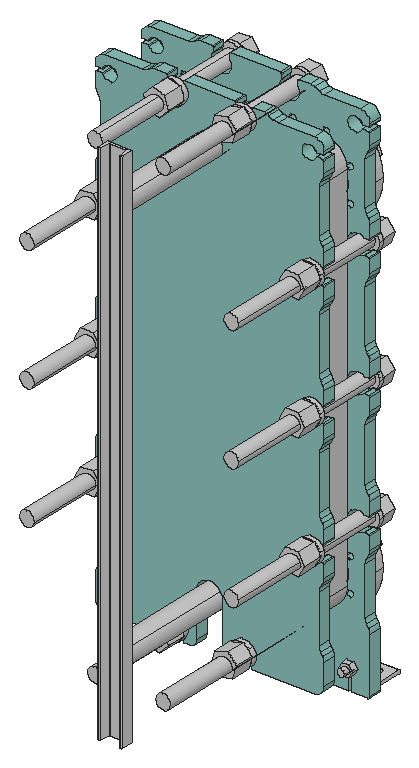
Revit family "Ekin_Endüstriyel - MIT521", category Specialty Equipment, Revit 2022 (continued)
Forms (mm)
  Extrusion 30, solid, material "Galvanized Steel", detail levels coarse
    sketch origin (4.063, -118, 0) x (-1, 0, 0) y (0, 0, 1)
      loop
        circle (4.063, 158.35) r 25.15
    from 0 to -25 <- "Follower Plate"
  Extrusion 31, solid, material "AISI 316L/Titanium/Hastelloy", detail levels coarse
    sketch origin (0, -25, 0) x (-1, 0, 0) y (0, 0, 1)
      loop
        line (-26.15, 1007.5) -> (-187.5, 1007.5) -> (-187.5, 140.5) -> (-26.15, 140.5) -> (-24.15, 142.5) -> (-24.15, 146.5) -> (-25.15, 148.5) -> (-25.15, 158.35)
        arc (-25.15, 158.35) -> (-20.029, 173.561) -> (-6.75, 182.577) r 25.15
        line (-6.75, 182.577) -> (-6.75, 190.5) -> (6.75, 190.5) -> (6.75, 182.577)
        arc (6.75, 182.577) -> (20.029, 173.561) -> (25.15, 158.35) r 25.15
        line (25.15, 158.35) -> (25.15, 148.5) -> (24.15, 146.5) -> (24.15, 142.5) -> (26.15, 140.5) -> (187.5, 140.5) -> (187.5, 1007.5) -> (26.15, 1007.5) -> (24.15, 1005.5) -> (24.15, 1001.5) -> (25.15, 999.5) -> (25.15, 989.65)
        arc (25.15, 989.65) -> (20.029, 974.439) -> (6.75, 965.423) r 25.15
        line (6.75, 965.423) -> (6.75, 957.5) -> (-6.75, 957.5) -> (-6.75, 965.423)
        arc (-6.75, 965.423) -> (-20.029, 974.439) -> (-25.15, 989.65) r 25.15
        line (-25.15, 989.65) -> (-25.15, 999.5) -> (-24.15, 1001.5) -> (-24.15, 1005.5) -> (-26.15, 1007.5)
    from 0 to -93
  Extrusion 32, solid, material "Galvanized Steel- S235JR", detail levels coarse
    sketch origin (0, 0, 0) x (1, 0, 0) y (0, 0, 1)
      loop
        circle (-111.75, 933) r 110
      loop
        circle (-111.75, 215) r 110
      loop
        circle (111.75, 215) r 110
      loop
        circle (111.75, 933) r 110
    from 0 to -25.5
Cuts and joins
  Extrusion 16 cuts Extrusion 15
  joined: Extrusion 27, Extrusion 28
Dimensions and locks
  "Lk": plane 7 "1" to plane 6 "2"
  "Head & Follower Plate": plane 1 "Center (Front/Back)" to plane 7 "1"
  "Lc": plane 7 "1" to plane 8 "3"
  "Lc": plane 10 to plane 1 "Center (Front/Back)"
  aligned and locked: level to plane 2
  aligned and locked: Extrusion 1 to plane 7 "1"
  aligned and locked: Extrusion 1 to plane 1 "Center (Front/Back)"
  aligned and locked: Extrusion 3 to plane 6 "2"
  aligned and locked: plane 7 "1" to Extrusion 3
  aligned and locked: Extrusion 5 to plane 10
  aligned and locked: Extrusion 5 to plane 1 "Center (Front/Back)"
  aligned and locked: Extrusion 4 to plane 8 "3"
  aligned and locked: Extrusion 4 to Extrusion 1
  aligned and locked: Extrusion 14 sketch curve to plane 8 "3"
  aligned and locked: Extrusion 21 sketch curve to Extrusion 14  (x4)
  aligned and locked: Extrusion 31 to Extrusion 30
  aligned and locked: Extrusion 26 to Extrusion 30
  aligned and locked: Extrusion 29 to Extrusion 1
  aligned and locked: Extrusion 24 to Extrusion 1
  aligned and locked: plane 6 "2" to Extrusion 30
Automatic sketch dimensions
  Extrusion 1 sketch curve to Extrusion 1 sketch curve = 0.00 mm  (x108)
  Extrusion 1 sketch curve to level = 0.00 mm  (x4)
  Extrusion 1 sketch curve to plane 3 "Center (Left/Right)" = 0.00 mm  (x2)
  Extrusion 1 sketch curve to plane 3 "Center (Left/Right)" = 28.601 mm  (x4)
  Extrusion 1 sketch curve to plane 3 "Center (Left/Right)" = 50.98 mm
  Extrusion 1 sketch curve to plane 3 "Center (Left/Right)" = 51.75 mm
  Extrusion 1 sketch curve to Extrusion 1 sketch curve = 2.00 mm  (x37)
  Extrusion 1 sketch curve to Extrusion 1 sketch curve = 17.02 mm  (x4)
  Extrusion 1 sketch curve to Extrusion 1 sketch curve = 16.25 mm  (x16)
  Extrusion 1 sketch curve to Extrusion 1 sketch curve = 48.708 mm  (x14)
  Extrusion 1 sketch curve to Extrusion 1 sketch curve = 7.308 mm  (x4)
  Extrusion 1 sketch curve to Extrusion 1 sketch curve = 83.149 mm  (x2)
  Extrusion 1 sketch curve to Extrusion 1 sketch curve = 34.442 mm  (x6)
  Extrusion 1 sketch curve to Extrusion 1 sketch curve = 23.121 mm  (x2)
  Extrusion 1 sketch curve to Extrusion 1 sketch curve = 30.966 mm  (x2)
  Extrusion 1 sketch curve to Extrusion 1 sketch curve = 10.00 mm  (x18)
  Extrusion 1 sketch curve to Extrusion 1 sketch curve = 8.038 mm  (x16)
  level to Extrusion 1 sketch curve = 49.142 mm  (x2)
  Extrusion 1 sketch curve to Extrusion 1 sketch curve = 14.142 mm  (x6)
  Extrusion 1 sketch curve to Extrusion 1 sketch curve = 15.784 mm  (x2)
  Extrusion 1 sketch curve to Extrusion 1 sketch curve = 68.883 mm  (x10)
  Extrusion 1 sketch curve to Extrusion 1 sketch curve = 34.05 mm  (x2)
  level to Extrusion 1 sketch curve = 33.358 mm  (x2)
  Extrusion 1 sketch curve to Extrusion 1 sketch curve = 5.858 mm
  Extrusion 1 sketch curve to Extrusion 1 sketch curve = 5.00 mm  (x10)
  Extrusion 1 sketch curve to Extrusion 1 sketch curve = 37.00 mm
  Extrusion 1 sketch curve to Extrusion 1 sketch curve = 3.00 mm  (x2)
  Extrusion 1 sketch curve to Extrusion 1 sketch curve = 6.00 mm  (x2)
  Extrusion 1 sketch curve to Extrusion 1 sketch curve = 58.808 mm  (x2)
  Extrusion 1 sketch curve to Extrusion 1 sketch curve = 63.808 mm  (x4)
  Extrusion 1 sketch curve to plane 3 "Center (Left/Right)" = 210.00 mm
  Extrusion 1 sketch curve to Extrusion 1 sketch curve = 20.101 mm  (x6)
  Extrusion 1 sketch curve to Extrusion 1 sketch curve = 5.906 mm  (x2)
  Extrusion 1 sketch curve to Extrusion 1 sketch curve = 13.998 mm  (x14)
  level to Extrusion 1 sketch curve = 136.859 mm  (x2)
  Extrusion 1 sketch curve to Extrusion 1 sketch curve = 2.679 mm  (x26)
  Extrusion 1 sketch curve to Extrusion 1 sketch curve = 32.00 mm  (x3)
  Extrusion 1 sketch curve to Extrusion 1 sketch curve = 4.641 mm  (x18)
  Extrusion 1 sketch curve to Extrusion 1 sketch curve = 9.002 mm  (x16)
  Extrusion 1 sketch curve to Extrusion 1 sketch curve = 12.094 mm  (x2)
  Extrusion 1 sketch curve to Extrusion 1 sketch curve = 17.321 mm  (x7)
  Extrusion 1 sketch curve to Extrusion 1 sketch curve = 20.00 mm  (x10)
  plane 3 "Center (Left/Right)" to Extrusion 1 sketch curve = 28.601 mm  (x4)
  plane 3 "Center (Left/Right)" to Extrusion 1 sketch curve = 50.98 mm
  plane 3 "Center (Left/Right)" to Extrusion 1 sketch curve = 51.75 mm
  level to Extrusion 1 sketch curve = 5.00 mm  (x2)
  plane 3 "Center (Left/Right)" to Extrusion 1 sketch curve = 210.00 mm
  Extrusion 1 sketch curve to Extrusion 1 sketch curve = 15.906 mm
  level to Extrusion 1 sketch curve = 128.821 mm
  level to Extrusion 1 sketch curve = 34.417 mm
  Extrusion 1 sketch curve to Extrusion 1 sketch curve = 34.417 mm
  Extrusion 1 sketch curve to Extrusion 1 sketch curve = 10.583 mm  (x2)
  Extrusion 1 sketch curve to Extrusion 1 sketch curve = 18.038 mm
  Extrusion 1 sketch curve to Extrusion 1 sketch curve = 13.03 mm  (x2)
  Extrusion 1 sketch curve to Extrusion 1 sketch curve = 51.851 mm  (x2)
  Extrusion 1 sketch curve to Extrusion 1 sketch curve = 24.149 mm
  Extrusion 1 sketch curve to Extrusion 1 sketch curve = 33.70 mm  (x2)
  Extrusion 1 sketch curve to Extrusion 1 sketch curve = 24.558 mm  (x3)
  Extrusion 1 sketch curve to Extrusion 1 sketch curve = 65.583 mm  (x2)
  Extrusion 1 sketch curve to Extrusion 1 sketch curve = 3.30 mm  (x4)
  Extrusion 1 sketch curve to Extrusion 1 sketch curve = 26.571 mm  (x12)
  Extrusion 1 sketch curve to Extrusion 1 sketch curve = 109.282 mm  (x4)
  Extrusion 1 sketch curve to Extrusion 1 sketch curve = 20.851 mm  (x2)
  Extrusion 1 sketch curve to Extrusion 1 sketch curve = 23.70 mm  (x2)
  Extrusion 1 sketch curve to Extrusion 1 sketch curve = 23.821 mm  (x2)
  Extrusion 1 sketch curve to Extrusion 1 sketch curve = 4.00 mm  (x2)
  Extrusion 1 sketch curve to Extrusion 1 sketch curve = 8.00 mm  (x2)
  Extrusion 1 sketch curve to Extrusion 1 sketch curve = 5.706 mm
  Extrusion 1 sketch curve to Extrusion 1 sketch curve = 49.851 mm  (x2)
  Extrusion 1 sketch curve to Extrusion 1 sketch curve = 12.933 mm  (x4)
  Extrusion 1 sketch curve to Extrusion 1 sketch curve = 9.067 mm
  Extrusion 1 sketch curve to Extrusion 1 sketch curve = 6.25 mm
  Extrusion 1 sketch curve to plane 3 "Center (Left/Right)" = 6.25 mm
  Extrusion 1 sketch curve to Extrusion 1 sketch curve = 7.00 mm  (x32)
  Extrusion 1 sketch curve to Extrusion 1 sketch curve = 21.862 mm  (x4)
  Extrusion 1 sketch curve to Extrusion 1 sketch curve = 28.862 mm  (x4)
  Extrusion 1 sketch curve to Extrusion 1 sketch curve = 6.352 mm  (x4)
  Extrusion 2 sketch curve to Extrusion 2 sketch curve = 0.00 mm  (x25)
  Extrusion 2 sketch curve to plane 3 "Center (Left/Right)" = 0.00 mm  (x2)
  plane 3 "Center (Left/Right)" to Extrusion 2 sketch curve = 26.50 mm
  Extrusion 2 sketch curve to Extrusion 2 sketch curve = 15.00 mm  (x2)
  plane 3 "Center (Left/Right)" to Extrusion 2 sketch curve = 50.98 mm
  Extrusion 2 sketch curve to Extrusion 2 sketch curve = 10.25 mm  (x2)
  Extrusion 2 sketch curve to Extrusion 2 sketch curve = 2.00 mm  (x39)
  Extrusion 2 sketch curve to Extrusion 2 sketch curve = 16.25 mm  (x16)
  Extrusion 2 sketch curve to Extrusion 2 sketch curve = 17.02 mm  (x4)
  Extrusion 2 sketch curve to Extrusion 2 sketch curve = 23.121 mm  (x2)
  Extrusion 2 sketch curve to Extrusion 2 sketch curve = 10.00 mm  (x20)
  Extrusion 2 sketch curve to Extrusion 2 sketch curve = 8.038 mm  (x18)
  Extrusion 2 sketch curve to Extrusion 2 sketch curve = 64.821 mm  (x2)
  plane 3 "Center (Left/Right)" to Extrusion 2 sketch curve = 210.00 mm  (x3)
  Extrusion 2 sketch curve to Extrusion 2 sketch curve = 126.75 mm  (x2)
  Extrusion 2 sketch curve to Extrusion 2 sketch curve = 5.00 mm  (x13)
  Extrusion 2 sketch curve to Extrusion 2 sketch curve = 5.906 mm
  Extrusion 2 sketch curve to Extrusion 2 sketch curve = 13.998 mm  (x12)
  Extrusion 2 sketch curve to Extrusion 2 sketch curve = 2.679 mm  (x23)
  level to Extrusion 2 sketch curve = 136.859 mm  (x2)
  Extrusion 2 sketch curve to Extrusion 2 sketch curve = 4.641 mm  (x18)
  Extrusion 2 sketch curve to Extrusion 2 sketch curve = 12.094 mm  (x2)
  Extrusion 2 sketch curve to Extrusion 2 sketch curve = 9.002 mm  (x16)
  Extrusion 2 sketch curve to Extrusion 2 sketch curve = 17.321 mm  (x7)
  Extrusion 2 sketch curve to Extrusion 2 sketch curve = 20.00 mm  (x10)
  Extrusion 2 sketch curve to plane 3 "Center (Left/Right)" = 50.98 mm
  Extrusion 2 sketch curve to plane 3 "Center (Left/Right)" = 210.00 mm  (x3)
  Extrusion 2 sketch curve to Extrusion 2 sketch curve = 15.906 mm
  level to Extrusion 2 sketch curve = 80.00 mm  (x2)
  Extrusion 2 sketch curve to Extrusion 2 sketch curve = 43.821 mm  (x2)
  Extrusion 2 sketch curve to Extrusion 2 sketch curve = 91.00 mm
  Extrusion 2 sketch curve to Extrusion 2 sketch curve = 99.282 mm  (x2)
  Extrusion 2 sketch curve to Extrusion 2 sketch curve = 26.571 mm  (x12)
  Extrusion 2 sketch curve to Extrusion 2 sketch curve = 109.282 mm  (x4)
  Extrusion 2 sketch curve to Extrusion 2 sketch curve = 89.282 mm  (x2)
  Extrusion 2 sketch curve to Extrusion 2 sketch curve = 0.859 mm
  Extrusion 2 sketch curve to Extrusion 2 sketch curve = 23.821 mm  (x2)
  Extrusion 2 sketch curve to Extrusion 2 sketch curve = 4.00 mm  (x2)
  Extrusion 2 sketch curve to Extrusion 2 sketch curve = 8.00 mm  (x2)
  Extrusion 2 sketch curve to Extrusion 2 sketch curve = 5.706 mm
  Extrusion 2 sketch curve to Extrusion 2 sketch curve = 14.00 mm  (x2)
  Extrusion 2 sketch curve to Extrusion 2 sketch curve = 12.933 mm  (x4)
  Extrusion 2 sketch curve to Extrusion 2 sketch curve = 9.067 mm
  plane 3 "Center (Left/Right)" to Extrusion 2 sketch curve = 19.252 mm
  Extrusion 2 sketch curve to plane 3 "Center (Left/Right)" = 19.252 mm
  Extrusion 2 sketch curve to Extrusion 2 sketch curve = 15.949 mm
  Extrusion 3 sketch curve to Extrusion 3 sketch curve = 0.00 mm  (x5)
  Extrusion 3 sketch curve to plane 3 "Center (Left/Right)" = 0.00 mm  (x2)
  plane 3 "Center (Left/Right)" to Extrusion 3 sketch curve = 6.75 mm  (x2)
  plane 3 "Center (Left/Right)" to Extrusion 3 sketch curve = 24.15 mm  (x2)
  Extrusion 3 sketch curve to Extrusion 3 sketch curve = 1.00 mm  (x4)
  Extrusion 3 sketch curve to Extrusion 3 sketch curve = 2.00 mm  (x12)
  Extrusion 3 sketch curve to Extrusion 3 sketch curve = 112.35 mm  (x3)
  Extrusion 3 sketch curve to Extrusion 3 sketch curve = 50.00 mm  (x4)
  Extrusion 3 sketch curve to plane 3 "Center (Left/Right)" = 6.75 mm  (x2)
  Extrusion 3 sketch curve to plane 3 "Center (Left/Right)" = 24.15 mm  (x2)
  Extrusion 3 sketch curve to Extrusion 3 sketch curve = 111.35 mm
  level to Extrusion 3 sketch curve = 140.50 mm
  Extrusion 3 sketch curve to Extrusion 3 sketch curve = 4.00 mm  (x2)
  Extrusion 3 sketch curve to Extrusion 3 sketch curve = 9.85 mm
  Extrusion 3 sketch curve to Extrusion 3 sketch curve = 7.923 mm  (x2)
  Extrusion 3 sketch curve to Extrusion 3 sketch curve = 767.00 mm
  Extrusion 3 sketch curve to Extrusion 3 sketch curve = 8.00 mm  (x2)
  Extrusion 4 sketch curve to Extrusion 4 sketch curve = 0.00 mm  (x4)
  Extrusion 4 sketch curve to plane 3 "Center (Left/Right)" = 0.00 mm  (x2)
  level to Extrusion 4 sketch curve = 156.00 mm
  Extrusion 4 sketch curve to Extrusion 4 sketch curve = 836.00 mm
  Extrusion 4 sketch curve to plane 3 "Center (Left/Right)" = 19.252 mm  (x2)
  plane 3 "Center (Left/Right)" to Extrusion 4 sketch curve = 19.252 mm  (x2)
  Extrusion 4 sketch curve to Extrusion 4 sketch curve = 15.949 mm  (x2)
  Extrusion 5 sketch curve to Extrusion 5 sketch curve = 0.00 mm  (x21)
  Extrusion 5 sketch curve to plane 3 "Center (Left/Right)" = 210.00 mm  (x3)
  Extrusion 5 sketch curve to plane 3 "Center (Left/Right)" = 70.00 mm  (x2)
  plane 3 "Center (Left/Right)" to Extrusion 5 sketch curve = 70.00 mm  (x2)
  plane 3 "Center (Left/Right)" to Extrusion 5 sketch curve = 210.00 mm  (x3)
  level to Extrusion 5 sketch curve = 80.00 mm  (x2)
  Extrusion 5 sketch curve to Extrusion 5 sketch curve = 239.00 mm  (x2)
  Extrusion 5 sketch curve to Extrusion 5 sketch curve = 255.00 mm  (x4)
  Extrusion 5 sketch curve to Extrusion 5 sketch curve = 237.00 mm
  Extrusion 5 sketch curve to Extrusion 5 sketch curve = 14.77 mm  (x12)
  Extrusion 5 sketch curve to Extrusion 5 sketch curve = 6.518 mm  (x8)
  Extrusion 5 sketch curve to Extrusion 5 sketch curve = 13.51 mm  (x4)
  Extrusion 5 sketch curve to Extrusion 5 sketch curve = 2.618 mm  (x6)
  level to Extrusion 6 sketch curve = 45.00 mm  (x4)
  Extrusion 6 sketch curve to plane 3 "Center (Left/Right)" = 208.856 mm
  Extrusion 6 sketch curve to Extrusion 6 sketch curve = 6.928 mm  (x6)
  level to Extrusion 6 sketch curve = 57.00 mm  (x2)
  Extrusion 6 sketch curve to Extrusion 6 sketch curve = 13.856 mm  (x4)
  plane 3 "Center (Left/Right)" to Extrusion 6 sketch curve = 181.144 mm
  level to Extrusion 6 sketch curve = 33.00 mm
  Extrusion 6 sketch curve to Extrusion 6 sketch curve = 12.00 mm
  Extrusion 7 sketch curve to Extrusion 7 sketch curve = 0.00 mm  (x4)
  level to Extrusion 7 sketch curve = 45.00 mm  (x2)
  Extrusion 7 sketch curve to plane 3 "Center (Left/Right)" = 195.00 mm
  plane 3 "Center (Left/Right)" to Extrusion 7 sketch curve = 195.00 mm
  Extrusion 7 sketch curve to Extrusion 7 sketch curve = 0.115 mm  (x4)
  Extrusion 7 sketch curve to Extrusion 7 sketch curve = 15.00 mm  (x2)
  Extrusion 8 sketch curve to Extrusion 8 sketch curve = 0.00 mm  (x4)
  level to Extrusion 8 sketch curve = 45.00 mm  (x2)
  Extrusion 8 sketch curve to plane 3 "Center (Left/Right)" = 195.004 mm
  plane 3 "Center (Left/Right)" to Extrusion 8 sketch curve = 195.004 mm
  Extrusion 8 sketch curve to Extrusion 8 sketch curve = 5.851 mm  (x4)
  Extrusion 8 sketch curve to Extrusion 8 sketch curve = 3.843 mm  (x2)
  level to Extrusion 9 sketch curve = 45.00 mm  (x4)
  Extrusion 9 sketch curve to plane 3 "Center (Left/Right)" = 208.856 mm
  level to Extrusion 9 sketch curve = 33.00 mm  (x2)
  Extrusion 9 sketch curve to Extrusion 9 sketch curve = 6.928 mm  (x6)
  level to Extrusion 9 sketch curve = 57.00 mm  (x2)
  Extrusion 9 sketch curve to Extrusion 9 sketch curve = 13.856 mm  (x4)
  plane 3 "Center (Left/Right)" to Extrusion 9 sketch curve = 181.144 mm
  Extrusion 10 sketch curve to Extrusion 10 sketch curve = 0.00 mm  (x25)
  Extrusion 10 sketch curve to plane 3 "Center (Left/Right)" = 111.75 mm  (x2)
  plane 3 "Center (Left/Right)" to Extrusion 10 sketch curve = 111.75 mm  (x2)
  level to Extrusion 10 sketch curve = 215.00 mm  (x2)
  Extrusion 10 sketch curve to Extrusion 10 sketch curve = 718.00 mm
  Extrusion 10 sketch curve to Extrusion 10 sketch curve = 5.58 mm  (x8)
  Extrusion 10 sketch curve to Extrusion 10 sketch curve = 76.798 mm  (x4)
  Extrusion 11 sketch curve to Extrusion 11 sketch curve = 0.00 mm  (x81)
  Extrusion 11 sketch curve to plane 3 "Center (Left/Right)" = 194.899 mm  (x2)
  Extrusion 11 sketch curve to Extrusion 11 sketch curve = 48.708 mm  (x20)
  Extrusion 11 sketch curve to Extrusion 11 sketch curve = 68.883 mm  (x14)
  Extrusion 11 sketch curve to plane 3 "Center (Left/Right)" = 28.601 mm  (x4)
  plane 3 "Center (Left/Right)" to Extrusion 11 sketch curve = 28.601 mm  (x4)
  level to Extrusion 11 sketch curve = 131.851 mm  (x2)
  Extrusion 11 sketch curve to Extrusion 11 sketch curve = 551.702 mm
  Extrusion 11 sketch curve to Extrusion 11 sketch curve = 8.542 mm  (x24)
  Extrusion 11 sketch curve to Extrusion 11 sketch curve = 14.759 mm  (x20)
  Extrusion 11 sketch curve to Extrusion 11 sketch curve = 12.33 mm  (x24)
  Extrusion 11 sketch curve to Extrusion 11 sketch curve = 2.679 mm  (x24)
  Extrusion 11 sketch curve to plane 3 "Center (Left/Right)" = 13.842 mm  (x2)
  plane 3 "Center (Left/Right)" to Extrusion 11 sketch curve = 13.842 mm  (x2)
  Extrusion 12 sketch curve to plane 3 "Center (Left/Right)" = 209.284 mm  (x2)
  Extrusion 12 sketch curve to Extrusion 12 sketch curve = 0.183 mm  (x2)
  Extrusion 12 sketch curve to Extrusion 12 sketch curve = 4.869 mm  (x21)
  Extrusion 12 sketch curve to Extrusion 12 sketch curve = 6.165 mm  (x21)
  Extrusion 12 sketch curve to Extrusion 12 sketch curve = 8.22 mm  (x25)
  Extrusion 12 sketch curve to Extrusion 12 sketch curve = 9.333 mm  (x25)
  Extrusion 12 sketch curve to Extrusion 12 sketch curve = 14.202 mm  (x32)
  Extrusion 12 sketch curve to Extrusion 12 sketch curve = 14.385 mm  (x32)
  Extrusion 12 sketch curve to Extrusion 12 sketch curve = 28.954 mm  (x12)
  Extrusion 12 sketch curve to Extrusion 12 sketch curve = 30.788 mm  (x4)
  Extrusion 12 sketch curve to Extrusion 12 sketch curve = 1.186 mm  (x17)
  Extrusion 12 sketch curve to Extrusion 12 sketch curve = 2.577 mm  (x26)
  Extrusion 12 sketch curve to Extrusion 12 sketch curve = 11.01 mm  (x22)
  Extrusion 12 sketch curve to Extrusion 12 sketch curve = 11.865 mm  (x31)
  Extrusion 12 sketch curve to Extrusion 12 sketch curve = 13.051 mm  (x32)
  Extrusion 12 sketch curve to Extrusion 12 sketch curve = 13.588 mm  (x32)
  Extrusion 12 sketch curve to Extrusion 12 sketch curve = 41.707 mm  (x4)
  Extrusion 12 sketch curve to Extrusion 12 sketch curve = 42.782 mm  (x4)
  Extrusion 12 sketch curve to plane 3 "Center (Left/Right)" = 42.986 mm  (x2)
  Extrusion 12 sketch curve to plane 3 "Center (Left/Right)" = 42.803 mm  (x2)
  Extrusion 12 sketch curve to plane 3 "Center (Left/Right)" = 14.399 mm  (x2)
  Extrusion 12 sketch curve to plane 3 "Center (Left/Right)" = 14.216 mm  (x2)
  plane 3 "Center (Left/Right)" to Extrusion 12 sketch curve = 14.216 mm  (x2)
  plane 3 "Center (Left/Right)" to Extrusion 12 sketch curve = 14.399 mm  (x2)
  Extrusion 12 sketch curve to Extrusion 12 sketch curve = 31.745 mm  (x2)
  Extrusion 12 sketch curve to Extrusion 12 sketch curve = 21.455 mm  (x10)
  level to Extrusion 12 sketch curve = 117.466 mm  (x2)
  Extrusion 12 sketch curve to Extrusion 12 sketch curve = 0.00 mm  (x5)
  Extrusion 12 sketch curve to Extrusion 12 sketch curve = 42.244 mm  (x8)
  Extrusion 12 sketch curve to Extrusion 12 sketch curve = 523.115 mm
  Extrusion 13 sketch curve to Extrusion 13 sketch curve = 0.00 mm  (x4)
  Extrusion 13 sketch curve to plane 3 "Center (Left/Right)" = 0.00 mm  (x2)
  level to Extrusion 13 sketch curve = 156.015 mm
  Extrusion 13 sketch curve to Extrusion 13 sketch curve = 835.97 mm
  Extrusion 13 sketch curve to plane 3 "Center (Left/Right)" = 9.00 mm  (x2)
  Extrusion 14 sketch curve to plane 3 "Center (Left/Right)" = 25.00 mm
  Extrusion 14 sketch curve to Extrusion 14 sketch curve = 2.00 mm
  Extrusion 14 sketch curve to Extrusion 14 sketch curve = 0.974 mm  (x2)
  Extrusion 14 sketch curve to Extrusion 14 sketch curve = 1.481 mm  (x2)
  Extrusion 14 sketch curve to plane 8 "3" = 6.676 mm  (x2)
  Extrusion 14 sketch curve to Extrusion 14 sketch curve = 7.228 mm  (x2)
  Extrusion 14 sketch curve to Extrusion 14 sketch curve = 2.692 mm  (x2)
  Extrusion 14 sketch curve to plane 8 "3" = 8.00 mm
  plane 3 "Center (Left/Right)" to Extrusion 14 sketch curve = 15.08 mm
  Extrusion 14 sketch curve to Extrusion 14 sketch curve = 5.465 mm
  Extrusion 14 sketch curve to Extrusion 14 sketch curve = 16.324 mm
  Extrusion 14 sketch curve to Extrusion 14 sketch curve = 15.00 mm
  Extrusion 14 sketch curve to Extrusion 14 sketch curve = 0.50 mm  (x2)
  Extrusion 15 sketch curve to level = 0.00 mm
  Extrusion 15 sketch curve to plane 1 "Center (Front/Back)" = 0.00 mm
  level to Extrusion 15 sketch curve = 1.00 mm
  Extrusion 15 sketch curve to Extrusion 15 sketch curve = 2.00 mm
  Extrusion 15 sketch curve to Extrusion 15 sketch curve = 3.50 mm
  level to Extrusion 15 sketch curve = 7.50 mm
  Extrusion 15 sketch curve to Extrusion 15 sketch curve = 5.00 mm
  Extrusion 15 sketch curve to plane 1 "Center (Front/Back)" = 4.50 mm
  Extrusion 15 sketch curve to Extrusion 15 sketch curve = 54.50 mm
  Extrusion 15 sketch curve to Extrusion 15 sketch curve = 3.00 mm
  plane 9 "Bolt End" to Extrusion 15 sketch curve = 49.30 mm
  Extrusion 16 sketch curve to Extrusion 16 sketch curve = 0.00 mm  (x4)
  plane 1 "Center (Front/Back)" to Extrusion 16 sketch curve = 0.00 mm
  plane 9 "Bolt End" to Extrusion 16 sketch curve = 26.30 mm  (x2)
  Extrusion 16 sketch curve to Extrusion 16 sketch curve = 25.00 mm  (x3)
  Extrusion 16 sketch curve to plane 3 "Center (Left/Right)" = 195.00 mm
  plane 3 "Center (Left/Right)" to Extrusion 16 sketch curve = 170.00 mm
  Extrusion 16 sketch curve to Extrusion 16 sketch curve = 9.00 mm  (x2)
  Extrusion 17 sketch curve to Extrusion 17 sketch curve = 0.00 mm  (x21)
  Extrusion 17 sketch curve to plane 3 "Center (Left/Right)" = 210.00 mm  (x3)
  Extrusion 17 sketch curve to plane 3 "Center (Left/Right)" = 70.00 mm  (x2)
  plane 3 "Center (Left/Right)" to Extrusion 17 sketch curve = 70.00 mm  (x2)
  plane 3 "Center (Left/Right)" to Extrusion 17 sketch curve = 210.00 mm  (x3)
  level to Extrusion 17 sketch curve = 80.00 mm  (x2)
  Extrusion 17 sketch curve to Extrusion 17 sketch curve = 239.00 mm  (x2)
  Extrusion 17 sketch curve to Extrusion 17 sketch curve = 255.00 mm  (x4)
  Extrusion 17 sketch curve to Extrusion 17 sketch curve = 237.00 mm
  Extrusion 17 sketch curve to Extrusion 17 sketch curve = 25.00 mm  (x6)
  Extrusion 17 sketch curve to Extrusion 17 sketch curve = 23.706 mm  (x8)
  Extrusion 17 sketch curve to Extrusion 17 sketch curve = 7.938 mm  (x4)
  Extrusion 2 to Extrusion 18 sketch curve = 1.554 mm  (x6)
  Extrusion 18 sketch curve to Extrusion 2 = 1.342 mm  (x6)
  Extrusion 18 sketch curve to Extrusion 2 = 2.104 mm  (x6)
  Extrusion 18 sketch curve to Extrusion 2 = 6.967 mm  (x12)
  Extrusion 18 sketch curve to Extrusion 18 sketch curve = 26.554 mm  (x6)
  Extrusion 18 sketch curve to Extrusion 2 = 6.527 mm  (x12)
  Extrusion 2 to Extrusion 18 sketch curve = 15.81 mm  (x12)
  Extrusion 18 sketch curve to Extrusion 18 sketch curve = 12.896 mm  (x5)
  Extrusion 18 sketch curve to Extrusion 18 sketch curve = 13.658 mm  (x4)
  Extrusion 18 sketch curve to Extrusion 2 = 8.76 mm  (x8)
  Extrusion 18 sketch curve to Extrusion 2 = 1.397 mm  (x8)
  Extrusion 2 to Extrusion 18 sketch curve = 8.886 mm  (x8)
  Extrusion 2 to Extrusion 18 sketch curve = 1.517 mm  (x2)
  Extrusion 2 to Extrusion 18 sketch curve = 0.517 mm  (x2)
  Extrusion 18 sketch curve to Extrusion 2 = 41.554 mm  (x3)
  Extrusion 18 sketch curve to Extrusion 2 = 5.865 mm  (x2)
  Extrusion 18 sketch curve to Extrusion 2 = 18.619 mm  (x2)
  Extrusion 18 sketch curve to Extrusion 18 sketch curve = 25.517 mm  (x4)
  Extrusion 18 sketch curve to Extrusion 18 sketch curve = 6.381 mm  (x2)
  Extrusion 18 sketch curve to Extrusion 2 = 4.517 mm  (x2)
  Extrusion 2 to Extrusion 18 sketch curve = 1.865 mm  (x2)
  Extrusion 18 sketch curve to Extrusion 2 = 6.619 mm  (x2)
  Extrusion 18 sketch curve to Extrusion 2 = 7.619 mm  (x2)
  Extrusion 18 sketch curve to Extrusion 2 = 4.865 mm  (x2)
  Extrusion 19 sketch curve to Extrusion 19 sketch curve = 0.00 mm  (x10)
  Extrusion 19 sketch curve to Extrusion 2 = 0.826 mm  (x6)
  Extrusion 2 to Extrusion 19 sketch curve = 9.877 mm  (x6)
  Extrusion 19 sketch curve to Extrusion 2 = 1.47 mm  (x8)
  Extrusion 20 sketch curve to plane 3 "Center (Left/Right)" = 235.866 mm  (x3)
  Extrusion 20 sketch curve to Extrusion 20 sketch curve = 8.963 mm  (x9)
  Extrusion 20 sketch curve to Extrusion 20 sketch curve = 16.903 mm  (x9)
  Extrusion 20 sketch curve to Extrusion 20 sketch curve = 25.866 mm  (x12)
  Extrusion 20 sketch curve to plane 3 "Center (Left/Right)" = 96.197 mm  (x2)
  Extrusion 20 sketch curve to Extrusion 20 sketch curve = 11.415 mm  (x6)
  Extrusion 20 sketch curve to Extrusion 20 sketch curve = 14.783 mm  (x6)
  Extrusion 20 sketch curve to Extrusion 20 sketch curve = 26.197 mm  (x8)
  plane 3 "Center (Left/Right)" to Extrusion 20 sketch curve = 43.803 mm  (x2)
  plane 3 "Center (Left/Right)" to Extrusion 20 sketch curve = 184.134 mm  (x3)
  level to Extrusion 20 sketch curve = 56.34 mm  (x2)
  Extrusion 20 sketch curve to Extrusion 20 sketch curve = 1.944 mm  (x4)
  Extrusion 20 sketch curve to Extrusion 20 sketch curve = 21.715 mm  (x8)
  Extrusion 20 sketch curve to Extrusion 20 sketch curve = 23.66 mm  (x8)
  Extrusion 20 sketch curve to Extrusion 20 sketch curve = 192.592 mm  (x2)
  Extrusion 20 sketch curve to Extrusion 20 sketch curve = 4.584 mm  (x10)
  Extrusion 20 sketch curve to Extrusion 20 sketch curve = 20.109 mm  (x8)
  Extrusion 20 sketch curve to Extrusion 20 sketch curve = 24.693 mm  (x12)
  Extrusion 20 sketch curve to Extrusion 20 sketch curve = 205.614 mm  (x4)
  Extrusion 20 sketch curve to Extrusion 20 sketch curve = 193.231 mm
  Extrusion 20 sketch curve to Extrusion 20 sketch curve = 0.00 mm
  Extrusion 22 sketch curve to Extrusion 22 sketch curve = 0.00 mm  (x125)
  Extrusion 22 sketch curve to plane 3 "Center (Left/Right)" = 194.899 mm  (x2)
  Extrusion 22 sketch curve to Extrusion 22 sketch curve = 48.708 mm  (x22)
  Extrusion 22 sketch curve to Extrusion 22 sketch curve = 34.442 mm  (x14)
  Extrusion 22 sketch curve to Extrusion 22 sketch curve = 68.883 mm  (x8)
  Extrusion 22 sketch curve to plane 3 "Center (Left/Right)" = 28.601 mm  (x4)
  plane 3 "Center (Left/Right)" to Extrusion 22 sketch curve = 28.601 mm  (x4)
  Extrusion 22 sketch curve to Extrusion 22 sketch curve = 83.149 mm  (x2)
  level to Extrusion 22 sketch curve = 131.851 mm  (x2)
  Extrusion 22 sketch curve to Extrusion 22 sketch curve = 551.702 mm
  Extrusion 22 sketch curve to Extrusion 22 sketch curve = 7.00 mm  (x32)
  Extrusion 22 sketch curve to Extrusion 22 sketch curve = 19.851 mm  (x2)
  Extrusion 22 sketch curve to Extrusion 22 sketch curve = 21.862 mm  (x4)
  Extrusion 22 sketch curve to Extrusion 22 sketch curve = 28.862 mm  (x4)
  plane 3 "Center (Left/Right)" to Extrusion 22 sketch curve = 1.75 mm  (x2)
  Extrusion 22 sketch curve to Extrusion 22 sketch curve = 6.352 mm  (x4)
  Extrusion 23 sketch curve to Extrusion 23 sketch curve = 0.00 mm  (x4)
  Extrusion 23 sketch curve to plane 3 "Center (Left/Right)" = 0.00 mm  (x2)
  level to Extrusion 23 sketch curve = 156.00 mm
  Extrusion 23 sketch curve to Extrusion 23 sketch curve = 836.00 mm
  Extrusion 23 sketch curve to plane 3 "Center (Left/Right)" = 4.875 mm  (x2)
  plane 3 "Center (Left/Right)" to Extrusion 23 sketch curve = 4.875 mm  (x2)
  Extrusion 23 sketch curve to Extrusion 23 sketch curve = 10.965 mm  (x2)
  Extrusion 24 sketch curve to Extrusion 24 sketch curve = 0.00 mm  (x12)
  Extrusion 24 sketch curve to level = 0.00 mm  (x2)
  Extrusion 24 sketch curve to plane 4 = 1000.00 mm
  Extrusion 24 sketch curve to plane 4 = 1005.00 mm
  Extrusion 24 sketch curve to plane 4 = 1025.179 mm
  Extrusion 24 sketch curve to plane 4 = 1032.50 mm
  Extrusion 24 sketch curve to Extrusion 24 sketch curve = 17.321 mm  (x2)
  Extrusion 24 sketch curve to plane 4 = 1048.25 mm  (x2)
  Extrusion 24 sketch curve to Extrusion 24 sketch curve = 47.50 mm  (x2)
  Extrusion 24 sketch curve to Extrusion 24 sketch curve = 57.50 mm  (x2)
  Extrusion 24 sketch curve to Extrusion 24 sketch curve = 70.00 mm  (x4)
  Extrusion 24 sketch curve to Extrusion 24 sketch curve = 111.75 mm  (x2)
  level to Extrusion 24 sketch curve = 5.00 mm  (x3)
  Extrusion 24 sketch curve to Extrusion 24 sketch curve = 27.50 mm  (x2)
  Extrusion 24 sketch curve to Extrusion 24 sketch curve = 40.00 mm
  Extrusion 24 sketch curve to Extrusion 24 sketch curve = 70.179 mm
  Extrusion 24 sketch curve to plane 4 = 1370.00 mm
  Extrusion 24 sketch curve to Extrusion 24 sketch curve = 98.25 mm  (x2)
  Extrusion 24 sketch curve to Extrusion 24 sketch curve = 10.00 mm  (x3)
  Extrusion 24 sketch curve to Extrusion 24 sketch curve = 35.00 mm  (x2)
  Extrusion 24 sketch curve to plane 4 = 965.00 mm
  Extrusion 24 sketch curve to plane 4 = 955.00 mm
  Extrusion 24 sketch curve to plane 4 = 950.00 mm  (x3)
  Extrusion 24 sketch curve to Extrusion 24 sketch curve = 22.50 mm  (x2)
  Extrusion 24 sketch curve to Extrusion 24 sketch curve = 17.50 mm  (x2)
  Extrusion 24 sketch curve to Extrusion 24 sketch curve = 25.00 mm  (x2)
  Extrusion 24 sketch curve to Extrusion 24 sketch curve = 76.00 mm
  Extrusion 24 sketch curve to Extrusion 24 sketch curve = 59.00 mm  (x3)
  Extrusion 24 sketch curve to Extrusion 24 sketch curve = 104.00 mm  (x4)
  Extrusion 24 sketch curve to Extrusion 24 sketch curve = 255.00 mm  (x4)
  Extrusion 24 sketch curve to Extrusion 24 sketch curve = 116.00 mm  (x2)
  Extrusion 24 sketch curve to Extrusion 24 sketch curve = 11.00 mm  (x2)
  Extrusion 24 sketch curve to Extrusion 24 sketch curve = 14.00 mm  (x2)
  Extrusion 24 sketch curve to plane 4 = 1042.67 mm  (x2)
  Extrusion 24 sketch curve to plane 4 = 1053.83 mm  (x2)
  Extrusion 24 sketch curve to Extrusion 24 sketch curve = 6.25 mm  (x2)
  Extrusion 24 sketch curve to Extrusion 24 sketch curve = 5.58 mm  (x2)
  Extrusion 24 sketch curve to Extrusion 24 sketch curve = 36.17 mm
  Extrusion 24 sketch curve to Extrusion 24 sketch curve = 47.33 mm
  Extrusion 24 sketch curve to Extrusion 24 sketch curve = 58.202 mm  (x2)
  Extrusion 24 sketch curve to Extrusion 24 sketch curve = 76.798 mm  (x2)
  Extrusion 26 sketch curve to Extrusion 26 sketch curve = 0.00 mm  (x7)
  Extrusion 26 sketch curve to plane 4 = 972.50 mm
  Extrusion 26 sketch curve to plane 4 = 1022.50 mm  (x2)
  Extrusion 26 sketch curve to Extrusion 26 sketch curve = 111.35 mm  (x4)
  Extrusion 26 sketch curve to Extrusion 26 sketch curve = 1.00 mm  (x6)
  Extrusion 26 sketch curve to Extrusion 26 sketch curve = 18.40 mm  (x2)
  Extrusion 26 sketch curve to Extrusion 26 sketch curve = 25.15 mm
  Extrusion 26 sketch curve to Extrusion 26 sketch curve = 6.75 mm
  Extrusion 26 sketch curve to Extrusion 26 sketch curve = 13.50 mm  (x2)
  Extrusion 26 sketch curve to Extrusion 26 sketch curve = 24.15 mm  (x2)
  Extrusion 26 sketch curve to Extrusion 26 sketch curve = 2.00 mm  (x9)
  level to Extrusion 26 sketch curve = 140.50 mm
  Extrusion 26 sketch curve to Extrusion 26 sketch curve = 50.00 mm  (x4)
  Extrusion 26 sketch curve to Extrusion 26 sketch curve = 4.00 mm  (x4)
  Extrusion 26 sketch curve to Extrusion 26 sketch curve = 11.85 mm
  Extrusion 26 sketch curve to Extrusion 26 sketch curve = 7.923 mm  (x2)
  Extrusion 26 sketch curve to Extrusion 26 sketch curve = 767.00 mm
  Extrusion 26 sketch curve to Extrusion 26 sketch curve = 9.85 mm  (x2)
  Extrusion 27 sketch curve to Extrusion 27 sketch curve = 0.00 mm  (x50)
  Extrusion 27 sketch curve to plane 4 = 1271.75 mm  (x2)
  Extrusion 27 sketch curve to plane 4 = 1048.25 mm  (x2)
  level to Extrusion 27 sketch curve = 215.00 mm
  Extrusion 27 sketch curve to Extrusion 27 sketch curve = 718.00 mm
  Extrusion 27 sketch curve to Extrusion 27 sketch curve = 3.623 mm  (x8)
  Extrusion 27 sketch curve to Extrusion 27 sketch curve = 110.00 mm  (x2)
  Extrusion 27 sketch curve to Extrusion 27 sketch curve = 3.50 mm  (x2)
  Extrusion 27 sketch curve to Extrusion 27 sketch curve = 49.869 mm  (x4)
  Extrusion 28 sketch curve to Extrusion 28 sketch curve = 0.00 mm  (x25)
  Extrusion 28 sketch curve to plane 4 = 1271.75 mm  (x2)
  Extrusion 28 sketch curve to plane 4 = 1048.25 mm  (x2)
  level to Extrusion 28 sketch curve = 215.00 mm  (x2)
  Extrusion 28 sketch curve to Extrusion 28 sketch curve = 718.00 mm
  Extrusion 28 sketch curve to Extrusion 28 sketch curve = 5.58 mm  (x4)
  Extrusion 28 sketch curve to plane 4 = 1053.83 mm  (x2)
  Extrusion 28 sketch curve to plane 4 = 1042.67 mm  (x2)
  Extrusion 28 sketch curve to Extrusion 28 sketch curve = 76.798 mm  (x4)
  Extrusion 29 sketch curve to level = 0.00 mm  (x2)
  plane 5 to Extrusion 29 sketch curve = 1000.00 mm  (x2)
  plane 5 to Extrusion 29 sketch curve = 930.00 mm  (x2)
  Extrusion 29 sketch curve to Extrusion 29 sketch curve = 85.00 mm  (x2)
  level to Extrusion 29 sketch curve = 5.00 mm  (x2)
  Extrusion 29 sketch curve to Extrusion 29 sketch curve = 40.00 mm  (x2)
  plane 5 to Extrusion 29 sketch curve = 790.00 mm  (x3)
  Extrusion 29 sketch curve to Extrusion 29 sketch curve = 35.00 mm  (x2)
  plane 5 to Extrusion 29 sketch curve = 1070.00 mm  (x2)
  Extrusion 29 sketch curve to Extrusion 29 sketch curve = 5.00 mm  (x2)
  plane 5 to Extrusion 29 sketch curve = 1210.00 mm  (x3)
  Extrusion 29 sketch curve to Extrusion 29 sketch curve = 10.00 mm  (x2)
  Extrusion 29 sketch curve to Extrusion 29 sketch curve = 76.00 mm
  Extrusion 29 sketch curve to Extrusion 29 sketch curve = 255.00 mm  (x4)
  Extrusion 29 sketch curve to Extrusion 29 sketch curve = 6.25 mm  (x2)
  Extrusion 31 sketch curve to Extrusion 31 sketch curve = 0.00 mm  (x4)
  plane 5 to Extrusion 31 sketch curve = 1000.00 mm  (x2)
  plane 5 to Extrusion 31 sketch curve = 1006.75 mm  (x2)
  plane 5 to Extrusion 31 sketch curve = 1024.15 mm  (x2)
  Extrusion 31 sketch curve to Extrusion 31 sketch curve = 1.00 mm  (x4)
  Extrusion 31 sketch curve to Extrusion 31 sketch curve = 2.00 mm  (x13)
  plane 5 to Extrusion 31 sketch curve = 993.25 mm  (x2)
  plane 5 to Extrusion 31 sketch curve = 975.85 mm  (x2)
  Extrusion 31 sketch curve to Extrusion 31 sketch curve = 161.35 mm  (x2)
  level to Extrusion 31 sketch curve = 140.50 mm
  Extrusion 31 sketch curve to Extrusion 31 sketch curve = 4.00 mm  (x4)
  Extrusion 31 sketch curve to Extrusion 31 sketch curve = 11.85 mm
  Extrusion 31 sketch curve to Extrusion 31 sketch curve = 7.923 mm  (x2)
  Extrusion 31 sketch curve to Extrusion 31 sketch curve = 9.85 mm  (x2)
  plane 5 to Extrusion 32 sketch curve = 888.25 mm  (x2)
  plane 5 to Extrusion 32 sketch curve = 1111.75 mm
  level to Extrusion 32 sketch curve = 215.00 mm
  Extrusion 32 sketch curve to Extrusion 32 sketch curve = 0.00 mm  (x5)
  plane 5 to Extrusion 32 sketch curve = 1001.75 mm  (x2)
  Extrusion 29 sketch curve to Extrusion 29 sketch curve = 57.00 mm
  Extrusion 29 sketch curve to Extrusion 29 sketch curve = 163.00 mm  (x3)
  Extrusion 29 sketch curve to Extrusion 29 sketch curve = 41.00 mm  (x2)
  Extrusion 29 sketch curve to Extrusion 29 sketch curve = 30.00 mm  (x2)
  Extrusion 29 sketch curve to Extrusion 29 sketch curve = 24.00 mm
  Extrusion 29 sketch curve to Extrusion 29 sketch curve = 74.00 mm
  Extrusion 29 sketch curve to Extrusion 29 sketch curve = 50.00 mm
  Extrusion 29 sketch curve to Extrusion 29 sketch curve = 25.00 mm  (x2)
  Extrusion 31 sketch curve to Extrusion 31 sketch curve = 767.00 mm
  plane 5 to Extrusion 30 sketch curve = 1000.00 mm  (x2)
  plane 5 to Extrusion 30 sketch curve = 1070.00 mm
  Extrusion 30 sketch curve to Extrusion 30 sketch curve = 135.00 mm  (x2)
  plane 5 to Extrusion 30 sketch curve = 1210.00 mm  (x3)
  level to Extrusion 30 sketch curve = 55.00 mm
  Extrusion 30 sketch curve to Extrusion 30 sketch curve = 165.00 mm  (x2)
  plane 5 to Extrusion 30 sketch curve = 930.00 mm
  plane 5 to Extrusion 30 sketch curve = 790.00 mm  (x3)
  Extrusion 30 sketch curve to Extrusion 30 sketch curve = 255.00 mm  (x4)
  Extrusion 30 sketch curve to Extrusion 30 sketch curve = 163.00 mm
  Extrusion 30 sketch curve to Extrusion 30 sketch curve = 57.00 mm  (x2)
  Extrusion 30 sketch curve to Extrusion 30 sketch curve = 74.00 mm  (x2)
  Extrusion 30 sketch curve to Extrusion 30 sketch curve = 41.00 mm
  plane 5 to Extrusion 30 sketch curve = 1019.252 mm
  plane 5 to Extrusion 30 sketch curve = 980.748 mm
  Extrusion 30 sketch curve to Extrusion 30 sketch curve = 15.949 mm
  Extrusion 30 sketch curve to Extrusion 30 sketch curve = 78.35 mm
  Extrusion 30 sketch curve to Extrusion 30 sketch curve = 30.00 mm
  Extrusion 30 sketch curve to Extrusion 30 sketch curve = 160.65 mm  (x2)
  Extrusion 30 sketch curve to Extrusion 30 sketch curve = 305.00 mm
  Extrusion 30 sketch curve to Extrusion 30 sketch curve = 25.00 mm
  Extrusion 30 sketch curve to Extrusion 30 sketch curve = 0.00 mm
  level to Extrusion 30 sketch curve = 80.00 mm
  Extrusion 25 sketch curve to Extrusion 25 sketch curve = 0.00 mm
  Extrusion 25 sketch curve to plane 4 = 925.00 mm
  Extrusion 25 sketch curve to Extrusion 25 sketch curve = 5.00 mm  (x3)
  Extrusion 25 sketch curve to Extrusion 25 sketch curve = 20.00 mm
  Extrusion 25 sketch curve to plane 4 = 950.00 mm  (x3)
  Extrusion 25 sketch curve to Extrusion 25 sketch curve = 10.00 mm  (x5)
  Extrusion 25 sketch curve to plane 4 = 1025.179 mm
  Extrusion 25 sketch curve to Extrusion 25 sketch curve = 17.321 mm  (x2)
  Extrusion 25 sketch curve to plane 4 = 1090.00 mm
  Extrusion 25 sketch curve to Extrusion 25 sketch curve = 47.50 mm  (x2)
  Extrusion 25 sketch curve to Extrusion 25 sketch curve = 28.50 mm  (x2)
  Extrusion 25 sketch curve to Extrusion 25 sketch curve = 43.50 mm
  Extrusion 25 sketch curve to Extrusion 25 sketch curve = 70.00 mm  (x2)
  Extrusion 25 sketch curve to Extrusion 25 sketch curve = 26.50 mm
  Extrusion 25 sketch curve to Extrusion 25 sketch curve = 15.00 mm
  Extrusion 25 sketch curve to Extrusion 25 sketch curve = 70.179 mm
  Extrusion 25 sketch curve to plane 4 = 1370.00 mm
  Extrusion 25 sketch curve to Extrusion 25 sketch curve = 183.50 mm
  level to Extrusion 25 sketch curve = 60.00 mm
  Extrusion 25 sketch curve to Extrusion 25 sketch curve = 160.00 mm
  level to Extrusion 25 sketch curve = 55.00 mm
  Extrusion 25 sketch curve to Extrusion 25 sketch curve = 91.00 mm
  Extrusion 25 sketch curve to Extrusion 25 sketch curve = 158.00 mm  (x2)
  Extrusion 25 sketch curve to Extrusion 25 sketch curve = 255.00 mm  (x4)
  Extrusion 25 sketch curve to Extrusion 25 sketch curve = 163.00 mm
  Extrusion 25 sketch curve to Extrusion 25 sketch curve = 57.00 mm  (x2)
  Extrusion 25 sketch curve to Extrusion 25 sketch curve = 11.00 mm  (x2)
  Extrusion 25 sketch curve to Extrusion 25 sketch curve = 14.00 mm  (x2)
  Extrusion 25 sketch curve to Extrusion 25 sketch curve = 19.252 mm  (x2)
  Extrusion 25 sketch curve to Extrusion 25 sketch curve = 15.949 mm
  Extrusion 32 sketch curve to Extrusion 32 sketch curve = 110.00 mm  (x3)
  Extrusion 32 sketch curve to Extrusion 32 sketch curve = 718.00 mm
  radius of Extrusion 10 sketch curve = 40.00 mm  (x4)
  radius of Extrusion 2 to Extrusion 19 sketch curve = 4.00 mm  (x10)
  radius of Extrusion 24 sketch curve = 15.00 mm  (x2)
  radius of Extrusion 24 sketch curve = 21.00 mm  (x10)
  radius of Extrusion 24 sketch curve = 11.00 mm  (x2)
  radius of Extrusion 28 sketch curve = 40.00 mm  (x4)
  radius of Extrusion 29 sketch curve = 15.00 mm  (x2)
  radius of Extrusion 29 sketch curve = 21.00 mm  (x10)
  radius of Extrusion 29 sketch curve = 11.00 mm  (x2)
  radius of Extrusion 30 sketch curve = 15.00 mm  (x2)
  radius of Extrusion 30 sketch curve = 21.00 mm  (x10)
  radius of Extrusion 30 sketch curve = 25.15 mm
  radius of Extrusion 25 sketch curve = 15.00 mm  (x2)
  radius of Extrusion 25 sketch curve = 21.00 mm  (x10)
Connectors
  piping at (111.75, 7.5, 933), diameter 101.6
    settings: on Extrusion 10, index 1, connector inside diameter 609.6 mm, connector length 0.00 mm, flow factor 0, pipe flow 0.0 L/s, pressure drop 0 bar, fitting loss kfactor 0, connector angle 0.00°, fixture units 0, engagement length 0.00 mm, angle of deflection 0.00°, flow configuration 0, flow direction 1, fitting loss method 0, system type 7, joint type 0, gender type 0, connector reference index -1, connector utility 0, adjustable connector no, is connector primary yes, connector description ""
  piping at (-111.75, 7.5, 933), diameter 101.6
    settings: on Extrusion 10, index 2, connector inside diameter 609.6 mm, connector length 0.00 mm, flow factor 0, pipe flow 0.0 L/s, pressure drop 0 bar, fitting loss kfactor 0, connector angle 0.00°, fixture units 0, engagement length 0.00 mm, angle of deflection 0.00°, flow configuration 0, flow direction 2, fitting loss method 0, system type 7, joint type 0, gender type 0, connector reference index -1, connector utility 0, adjustable connector no, is connector primary no, connector description ""
  piping at (-111.75, 7.5, 215), diameter 101.6
    settings: on Extrusion 10, index 3, connector inside diameter 609.6 mm, connector length 0.00 mm, flow factor 0, pipe flow 0.0 L/s, pressure drop 0 bar, fitting loss kfactor 0, connector angle 0.00°, fixture units 0, engagement length 0.00 mm, angle of deflection 0.00°, flow configuration 0, flow direction 1, fitting loss method 0, system type 7, joint type 0, gender type 0, connector reference index -1, connector utility 0, adjustable connector no, is connector primary no, connector description ""
  piping at (111.75, 7.5, 215), diameter 101.6
    settings: on Extrusion 10, index 4, connector inside diameter 609.6 mm, connector length 0.00 mm, flow factor 0, pipe flow 0.0 L/s, pressure drop 0 bar, fitting loss kfactor 0, connector angle 0.00°, fixture units 0, engagement length 0.00 mm, angle of deflection 0.00°, flow configuration 0, flow direction 2, fitting loss method 0, system type 7, joint type 0, gender type 0, connector reference index -1, connector utility 0, adjustable connector no, is connector primary no, connector description ""
